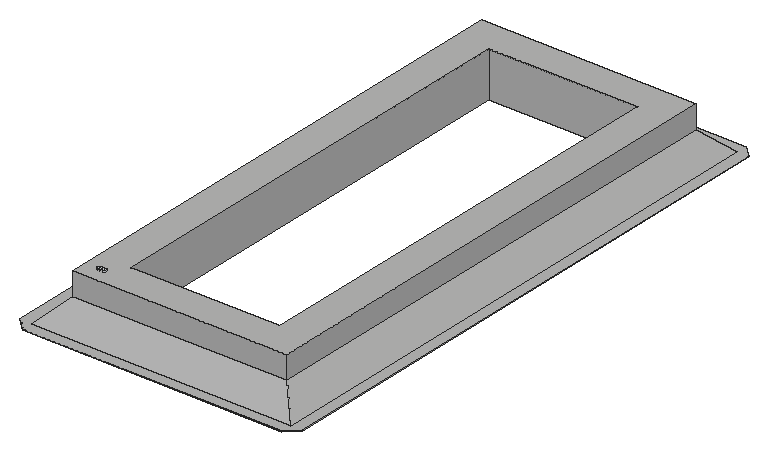
Revit family "NLRS_57_GEN_UN_roof-curb-for-bdcn_LT_sacs", category Duct Accessories, Revit 2022
Family settings
  Round Connector Dimension = Use Diameter
  Part Type = Attaches To
  Work Plane-Based = No
  Always vertical = Yes
  Cut with Voids When Loaded = No
  Shared = Yes
Parameters (values of type "BDOCAR")
  Type Comments = "SACS_Length = L1 + L2 +100, see penthouse BDCN"  # constant formula
  SACS_Y_Offset2 [instance] = NLRS_M_c01_hoogte + NLRS_M_c02_hoogte + 730 mm  # 2530 mm
  SACS_Y_Offset [instance] = SACS_Length + 50 mm  # 1950 mm
  SACS_X_Offset2 [instance] = NLRS_M_c01_breedte + 630 mm  # 1230 mm
  SACS_X_Offset [instance] = NLRS_M_c01_breedte + 50 mm  # 650 mm
  SACS_Width [instance] = 600 mm
  SACS_Warning_Text_Size [instance] = if(SACS_Warning_Size, "Invalid size: sizes adjusted!", " ")  # " "
  SACS_Warning_Size [instance] = not(and(SACS_Width = NLRS_M_c01_breedte, SACS_Length_Fresh_Air = NLRS_M_c01_hoogte, SACS_Length_Exhaust = NLRS_M_c02_hoogte))  # no
  SACS_Warning_Sign [instance] = if(and(not(SACS_Disable_Warning), SACS_Warning_Size), 1 = 1, 1 = 0)  # no
  SACS_Type_Mark [instance] = ""
  SACS_Product_Cost [instance] = size_lookup(SACS_Data_Hidden, "Product_Cost", 0, SACS_Base_Index * 1 mm, SACS_Index1, SACS_Index2)  # 0
  SACS_Price_Date [instance] = size_lookup(SACS_Data_Hidden, "Date", "NB", SACS_Base_Index * 1 mm, SACS_Index1, SACS_Index2)  # "10-07-2025"
  SACS_Model [instance] = size_lookup(SACS_Data_Hidden, "Model", "NB", SACS_Base_Index * 1 mm, SACS_Index1, SACS_Index2)  # "BDOCAR 1900x600"
  SACS_Material = "Seawater proof aluminium"  # constant formula
  SACS_Length_Fresh_Air [instance] = 600 mm
  SACS_Length_Exhaust [instance] = 1200 mm
  SACS_Length [instance] = NLRS_M_c01_hoogte + NLRS_M_c02_hoogte + 100 mm  # 1900 mm
  SACS_Index2 [instance] = if(NLRS_M_c01_breedte > SACS_Length, NLRS_M_c01_breedte, SACS_Length)  # 1900 mm
  SACS_Index1 [instance] = if(NLRS_M_c01_breedte > SACS_Length, SACS_Length, NLRS_M_c01_hoogte)  # 600 mm
  SACS_Gross_Cost [instance] = SACS_Product_Cost  # 0
  SACS_Frame_2 = not(SACS_Frame_1)  # yes
  SACS_Frame_1 = if(or(SACS_Base_Index = 1, SACS_Base_Index = 3), 1 = 1, 1 = 0)  # no
  SACS_Disable_Warning [instance] = no
  SACS_Data_Hidden = "BDOCA"  # constant formula
  SACS_Base_Index = 4
  SACS_Article_Code [instance] = size_lookup(SACS_Data_Hidden, "Article", "NB", SACS_Base_Index * 1 mm, SACS_Index1, SACS_Index2)  # "NB"
  NLRS_M_c02_hoogte [instance] = if(roundup(SACS_Length_Exhaust / 50 mm) * 50 mm < 600 mm, 600 mm, if(roundup(SACS_Length_Exhaust / 50 mm) * 50 mm > 2400 mm, 2400 mm, roundup(SACS_Length_Exhaust / 50 mm) * 50 mm))  # 1200 mm
  NLRS_M_c01_hoogte [instance] = if(roundup(SACS_Length_Fresh_Air / 50 mm) * 50 mm < 600 mm, 600 mm, if(roundup(SACS_Length_Fresh_Air / 50 mm) * 50 mm > 2400 mm, 2400 mm, roundup(SACS_Length_Fresh_Air / 50 mm) * 50 mm))  # 600 mm
  NLRS_M_c01_breedte [instance] = if(roundup(SACS_Width / 50 mm) * 50 mm < 600 mm, 600 mm, if(roundup(SACS_Width / 50 mm) * 50 mm > 1800 mm, 1800 mm, roundup(SACS_Width / 50 mm) * 50 mm))  # 600 mm
  NLRS_C_model [instance] = SACS_Model  # "BDOCAR 1900x600"
  NLRS_C_description = Description  # "Aluminum roof curb, insulated"
  NLRS_C_content_versie = "1.22.01"  # constant formula
  NLRS_C_content_provider = "Solid Air Climate Solutions"  # constant formula
  NLRS_C_content_datum_uitgifte = "21-07-2025"  # constant formula
  NLRS_C_content_creator = "J. Feeke"  # constant formula
  Model = "Solid Air roof curb, BDOC for BDCN"  # constant formula
  Manufacturer = "Solid Air Climate Solutions"  # constant formula
  Description = "Aluminum roof curb, insulated"
  Default Elevation = 0 mm
  Assembly Code = "57.0"
Types (3, lengths in mm): name | SACS_Y_Offset2 | SACS_Y_Offset | SACS_Model | SACS_Length_Exhaust | SACS_Length | SACS_Index2 | SACS_Frame_2 | SACS_Frame_1 | SACS_Base_Index | NLRS_M_c02_hoogte | NLRS_C_model | NLRS_C_description | Description
  (no name) | 2530 | 1950 | "BDOCAR 1900x600" | 1200 | 1900 | 1900 | yes | no | 4 | 1200 | "BDOCAR 1900x600" | "Aluminum roof curb, insulated" | "Aluminum roof curb, insulated"
  BDOCAD | 1930 | 1350 | "BDOCAD 1300x600" | 600 | 1300 | 1300 | no | yes | 3 | 600 | "BDOCAD 1300x600" | "Aluminum roof curb, non-insulated" | "Aluminum roof curb, non-insulated"
  BDOCAR | 2530 | 1950 | "BDOCAR 1900x600" | 1200 | 1900 | 1900 | yes | no | 4 | 1200 | "BDOCAR 1900x600" | "Aluminum roof curb, insulated" | "Aluminum roof curb, insulated"
Reference planes
  plane 1 "Center (Front/Back)": y = 0
  plane 2: z = 0
  plane 3 "Center (Left/Right)": x = 0
  plane 4: y = 975
  plane 5: y = -975
  plane 6: x = -325
  plane 7: x = 325
  plane 8: y = 1265
  plane 9: y = -1265
  plane 10: x = 615
  plane 11: x = -615
  plane 12: x = -565
  plane 13: y = -1215
  plane 14: x = 565
  plane 15: y = 1215
  plane 16: z = 200
Forms (mm)
  Sweep 1, solid, material "NLRS_57_aluminium_gen_sacs", visible <- "SACS_Frame_2"
    path in 3D
      loop
        line (-325, 975, 0) -> (325, 975, 0) -> (325, -975, 0) -> (-325, -975, 0) -> (-325, 975, 0)
    profile "Profile_BDOCAR : Profile_BDOCAR" origin (-325, 0, 0) x (-1, 0, 0) y (0, 0, 1)
      loop
        line (0, 200) -> (0, 0) -> (290, 0) -> (290, 2) -> (240, 2) -> (140, 100) -> (140, 200) -> (0, 200)
  Sweep 2, solid, material "NLRS_57_aluminium_gen_sacs", visible <- "SACS_Frame_1"
    path in 3D
      loop
        line (-325, 975, 0) -> (325, 975, 0) -> (325, -975, 0) -> (-325, -975, 0) -> (-325, 975, 0)
    profile "Profile_BDOCAD : Profile_BDOCAD" origin (-325, 0, 0) x (-1, 0, 0) y (0, 0, 1)
      loop
        line (0, 200) -> (0, 0) -> (40, 0) -> (40, 2) -> (2, 2) -> (2, 198) -> (138, 198) -> (138, 99.162) -> (238.773, 0) -> (290, 0) -> (290, 2) -> (239.592, 2) -> (140, 100) -> (140, 200) -> (0, 200)
  Extrusion 3, void
    sketch origin (0, 0, 0) x (1, 0, 0) y (0, 1, 0)
      loop
        line (-565, 1265) -> (-615, 1265) -> (-615, 1215) -> (-565, 1265)
      loop
        line (565, 1265) -> (615, 1215) -> (615, 1265) -> (565, 1265)
      loop
        line (615, -1215) -> (565, -1265) -> (615, -1265) -> (615, -1215)
      loop
        line (-615, -1215) -> (-615, -1265) -> (-565, -1265) -> (-615, -1215)
    from 0 to 2
Cuts and joins
  Extrusion 3 cuts Sweep 1
  Extrusion 3 cuts Sweep 2
Lines and regions (mm)
  model lines, not visible
    curve 1: line (-325, 975, 0) -> (325, 975, 0)
    curve 2: line (-325, -975, 0) -> (-325, 975, 0)
    curve 3: line (325, -975, 0) -> (-325, -975, 0)
    curve 4: line (325, 975, 0) -> (325, -975, 0)
  sketch lines
    curve 5: line (-325, -975, 0) -> (-325, 975, 0)
    curve 6: line (-325, 975, 0) -> (325, 975, 0)
    curve 7: line (325, 975, 0) -> (325, -975, 0)
    curve 8: line (325, -975, 0) -> (-325, -975, 0)
    curve 9: line (-325, -975, 0) -> (-325, 975, 0)
    curve 10: line (325, -975, 0) -> (-325, -975, 0)
    curve 11: line (325, 975, 0) -> (325, -975, 0)
    curve 12: line (-325, 975, 0) -> (325, 975, 0)
Dimensions and locks
  equal spacing: plane 6, plane 3 "Center (Left/Right)", plane 7
  equal spacing: plane 4, plane 1 "Center (Front/Back)", plane 5
  "SACS_Y_Offset": plane 4 to plane 5
  "SACS_X_Offset": plane 6 to plane 7
  equal spacing: plane 8, plane 1 "Center (Front/Back)", plane 9
  "SACS_Y_Offset2": plane 8 to plane 9
  equal spacing: plane 11, plane 3 "Center (Left/Right)", plane 10
  "SACS_X_Offset2": plane 11 to plane 10
  locked: plane 13 to plane 9 at 50
  locked: plane 11 to plane 12 at 50
  locked: plane 8 to plane 15 at 50
  locked: plane 14 to plane 10 at 50
  locked: plane 5 to nested 1 at 70
  locked: nested 1 to plane 6 at 70
  plane 16 to level = 200 mm
  aligned and locked: level to plane 2
  aligned and locked: curve 1 to plane 4
  aligned and locked: curve 2 to plane 6
  aligned and locked: plane 5 to curve 3
  aligned and locked: curve 4 to plane 7
  aligned and locked: plane 1 "Center (Front/Back)" to nested 2
  aligned and locked: plane 3 "Center (Left/Right)" to nested 2
Automatic sketch dimensions
  Extrusion 3 sketch curve to plane 11 = 0 mm  (x2)
  Extrusion 3 sketch curve to plane 8 = 0 mm  (x2)
  Extrusion 3 sketch curve to plane 9 = 0 mm  (x2)
  Extrusion 3 sketch curve to plane 12 = 0 mm  (x2)
  Extrusion 3 sketch curve to plane 14 = 0 mm  (x2)
  Extrusion 3 sketch curve to plane 10 = 0 mm  (x2)
  Extrusion 3 sketch curve to plane 13 = 0 mm  (x2)
  Extrusion 3 sketch curve to plane 15 = 0 mm  (x2)
Nested families
  nested 1: "logo_SACS" at (-395, -1045, 200), type "logo_SACS"
    with t 10 mm
  nested 2: "Warning_R22" at (0, 0, 0), visible <- "SACS_Warning_Sign", type "Warning_R22"
Definition of nested family "logo_SACS"
  Parameters (values of type "logo_SACS")
    t = 5 mm
    Model = "LOD 400"
    Description = "Model type"
    Default Elevation = 1219.2 mm
  Reference planes
    plane 1 "Center (Front/Back)": y = 0
    plane 2: z = 0
    plane 3 "Center (Left/Right)": x = 0
    plane 4: z = 2
    plane 5: x = -10
    plane 6: y = -5
    plane 7: y = 5
    plane 8: x = -5
    plane 9: x = 5
    plane 10: x = 10
  Forms (mm)
    Extrusion 1, solid
      sketch origin (-547.644, -297.937, 0) x (1, 0, 0) y (0, 1, 0)
        loop
          arc (542.644, 302.937) -> (537.644, 297.937) -> (542.644, 292.937) r 5
          line (542.644, 292.937) -> (542.644, 297.937) -> (547.644, 292.937) -> (547.644, 297.937) -> (542.644, 302.937)
      from 0 to 2
    Extrusion 2, solid
      sketch origin (0, 0, 0) x (1, 0, 0) y (0, 1, 0)
        loop
          arc (5, -5) -> (10, 0) -> (5, 5) r 5
          line (5, 5) -> (5, 0) -> (0, 5) -> (0, 0) -> (5, -5)
      from 0 to 2
  Dimensions and locks
    "t": plane 7 to plane 1 "Center (Front/Back)"
    "t": plane 6 to plane 1 "Center (Front/Back)"
    "t": plane 5 to plane 8
    "t": plane 8 to plane 3 "Center (Left/Right)"
    "t": plane 3 "Center (Left/Right)" to plane 9
    "t": plane 9 to plane 10
    aligned and locked: level to plane 2
    aligned and locked: plane 4 to Extrusion 1
  Automatic sketch dimensions
    plane 1 "Center (Front/Back)" to Extrusion 1 sketch curve = 0 mm  (x3)
    Extrusion 1 sketch curve to plane 8 = 0 mm
    Extrusion 1 sketch curve to plane 7 = 0 mm
    Extrusion 1 sketch curve to plane 3 "Center (Left/Right)" = 0 mm
    Extrusion 1 sketch curve to plane 6 = 0 mm
    Extrusion 2 sketch curve to plane 3 "Center (Left/Right)" = 0 mm
    plane 1 "Center (Front/Back)" to Extrusion 2 sketch curve = 0 mm  (x3)
    Extrusion 2 sketch curve to plane 6 = 0 mm
    Extrusion 2 sketch curve to plane 9 = 0 mm
    Extrusion 2 sketch curve to plane 7 = 0 mm
Definition of nested family "Warning_R22"
  Parameters (values of type "Warning_R22")
    TW = 51.6 mm * Scale  # 51.6 mm
    TH = 75 mm * Scale  # 75 mm
    Scale = 1
    CO = 50 mm * Scale  # 50 mm
    CD = 50 mm * Scale  # 50 mm
    BW = 40 mm * Scale  # 40 mm
    BH = 12 mm * Scale  # 12 mm
  Reference planes
    plane 1 "Center (Front/Back)": y = 0
    plane 2: z = 0
    plane 3 "Center (Left/Right)": x = 0
  Lines and regions (mm)
    Filled region 1, type "Solid Fill - Black", in view "Ref. Level"
      outline origin (0, 0, 0) x (1, 0, 0) y (0, 1, 0)
        loop
          line (-25.8, 75) -> (-20, -12) -> (20, -12) -> (25.8, 75) -> (-25.8, 75)
        loop
          circle (0, -50) r 25
  Dimensions and locks
    equal spacing: Filled region 1 sketch curve, plane 3 "Center (Left/Right)", Filled region 1 sketch curve  (x2)
    "TH": plane 1 "Center (Front/Back)" to Filled region 1 sketch curve
    "BH": Filled region 1 sketch curve to plane 1 "Center (Front/Back)"
    "CO": Filled region 1 sketch curve to plane 1 "Center (Front/Back)"
    "TW": Filled region 1 sketch curve to Filled region 1 sketch curve
    "BW": Filled region 1 sketch curve to Filled region 1 sketch curve
    "CD": diameter of Filled region 1 sketch curve
    aligned and locked: plane 3 "Center (Left/Right)" to Filled region 1 sketch curve
